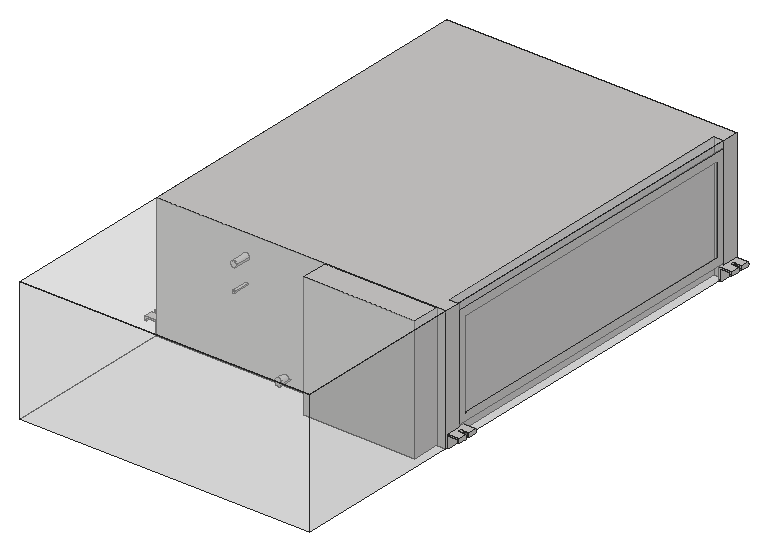
Revit family "outputfile", category 機械設備, Revit 2024
Family settings
  丸型コネクタ寸法 = 半径を使用
  パーツ タイプ = 標準
  OmniClass 番号 = 23.75.10.24.21.27.27
  OmniClass タイトル = Split System Air Conditioning Units
  作業面ベース = いいえ
  常に垂直 = はい
  ロード時にボイドで切り取り = いいえ
  注釈の向きを維持 = いいえ
  共有 = いいえ
  部屋計算ポイント = はい
Parameters (values of type "FXMQ250MFV1")
  Description = ""
  製造元 = "Daikin"
  書き出し IFC クラス(タイプ) = "IfcUnitaryEquipmentType"
  定義済み IFC タイプ(タイプ) = "AIRCONDITIONINGUNIT"
  Cost = 0
  モデル = "FXMQ250MFV1"
  Type Comments = ""
  Keynote = ""
  Type Image = (empty or 0)
  Assembly Code = ""
  w_dischargeflange = 1260.0 mm
  w_suctionflange = 1260.0 mm
  r_Liquid Pipe Size = Liquid Pipe Size / 2  # 4.75 mm
  r_Gas Pipe Size = Gas Pipe Size / 2  # 11.1 mm
  r_Drain Pipe Size = Drain Pipe Size / 2  # 13.8 mm
  lw_powersupply = 247.5 mm  # constant formula
  lw_mountinghole_pitch = 1148.0 mm  # constant formula
  lw_mountinghole = if(Depth = 744.0 mm, 29.5 mm, if(Depth = 1380.0 mm, 42.0 mm, 42.0 mm))  # 42.0 mm
  lw_liquidpipe = 760.0 mm  # constant formula
  lw_gaspipe = 760.0 mm  # constant formula
  lw_drainpipe = 613.0 mm  # constant formula
  lh_dischargeflange = 250.0 mm  # constant formula
  lh_powersupply = 20.0 mm  # constant formula
  lh_liquidpipe = 296.0 mm  # constant formula
  lh_gaspipe = 390.0 mm  # constant formula
  lh_drainpipe = 25.0 mm  # constant formula
  lh_suctionflange = 250.0 mm  # constant formula
  lh_antena = Height - lh_mountinghole + 1.0 mm  # 421.0 mm
  ld_dischargeflange = 690.0 mm
  ld_powersupply = 211.5 mm  # constant formula
  ld_mountinghole_pitch = if(Depth = 744.0 mm, 685.0 mm, if(Depth = 1380.0 mm, 1296.0 mm, 1296.0 mm))  # 1296.0 mm
  ld_suctionflange = 690.0 mm
  h_dischargeflange = 390.0 mm  # constant formula
  lh_mountinghole = 50.0 mm  # constant formula
  h_mountinghole = [h***] + lh_mountinghole  # 50.0 mm
  h_suctionflange = 390.0 mm  # constant formula
  h*** = 0.0 mm  # constant formula
  d_dischargeflange = 25.0 mm  # constant formula
  d_pipe = if(Depth = 744.0 mm, 61.0 mm, if(Depth = 1380.0 mm, 60.0 mm, 60.0 mm))  # 60.0 mm
  d_suctionflange = 25.0 mm  # constant formula
  Width = 1100.0 mm
  Voltage_comment_50Hz = "220-240"
  Voltage_50Hz = 230 V
  Version = "ver.1.0"
  Unit Type = "Outdoor Air Processing Unit"
  Unit Mass Weight = 123.00 kg
  Unit Designation [instance] = ""
  Uniclass2015Version = "Products v1.30"
  Uniclass2015Title = "Variable refrigerant flow units"
  Uniclass2015Code = "Pr_70_65_03_94"
  URL = ""
  Total Heating Capacity [instance] = 0.000 kW
  Total Cooling Capacity [instance] = 0.000 kW
  Supply Air Direction [instance] = yes
  Sound Pressure Level_M speed (dBA) = 0
  Sound Pressure Level_L speed (dBA) = 0
  Sound Pressure Level_H speed (dBA) = 47
  Sound Power Level_H speed (dB) = 0
  Series = "VRV Fan Coil Unit"
  Sensible Cooling Capacity [instance] = 0.000 kW
  SA Duct Size Width = 1200.0 mm
  SA Duct Size Height = 330.0 mm
  Refrigerant Type = "R410A"
  Power Input (Heating) = 0.638 kW
  Power Input (Cooling) = 0.638 kW
  Phase_50Hz = 1
  Option Accessory 3 [instance] = ""
  Option Accessory 2 [instance] = ""
  Option Accessory 1 [instance] = ""
  OA Duct Size Width = 1200.0 mm
  OA Duct Size Height = 330.0 mm
  Nominal Heating Capacity = 17.400 kW
  Nominal Cooling Capacity = 28.000 kW
  Minimum External Static Pressure = 0.00 Pa
  Minimum Circuit Amps_50Hz = 3.8 A
  Minimum Airflow = 0.00 m³/h
  Median Airflow = 0.00 m³/h
  Maximum Fuse Amps_50Hz = 15.0 A
  Maximum External Static Pressure = 255.00 Pa
  Maximum Airflow = 2100.00 m³/h
  Material_Casing = DAIKIN_GalvanizedSteel_Casing_indoorunit
  Load Classification = HVAC
  Liquid Pipe Size = 9.5 mm
  Link_Nested Family [instance] = ""
  IfcVersion = "0"
  IfcExportType = "AIRCONDITIONINGUNIT"
  IfcExportAs = "IfcUnitaryEquipmentType"
  Height = 470.0 mm
  Heating Entering Wet Bulb Temperature [instance] = 0.00 °C
  Heating Entering Dry Bulb Temperature [instance] = 0.00 °C
  Heating Ambient Wet Bulb Temperature [instance] = 0.00 °C
  Heating Ambient Dry Bulb Temperature [instance] = 0.00 °C
  Heat Exchanger Type = "Cross Fin Coil"
  Gas Pipe Size = 22.2 mm
  Frequency_50Hz = 50 Hz
  Fan Type = "Sirocco Fan"
  Fan Drive = "Direct Drive"
  FCU Tag No. [instance] = ""
  Drain Pipe Size = 27.6 mm
  Design Supply Airflow [instance] = 0.00 m³/h
  Design Outdoor Airflow [instance] = 0.00 m³/h
  Design External Static Pressure [instance] = 0.00 Pa
  Depth = 1380.0 mm
  既定の高さ = 0.0 mm
  Cooling Entering Wet Bulb Temperature [instance] = 0.00 °C
  Cooling Entering Dry Bulb Temperature [instance] = 0.00 °C
  Cooling Ambient Wet Bulb Temperature [instance] = 0.00 °C
  Cooling Ambient Dry Bulb Temperature [instance] = 0.00 °C
  Clearance visibility [instance] = yes
  Clearance Top = 0.0 mm
  Clearance Right = 0.0 mm
  Clearance Rear = 0.0 mm
  Clearance Left = 0.0 mm
  Clearance Front = 650.0 mm
  Clearance Bottom = 0.0 mm
Reference planes
  plane 1 "Center (Front/Back)": y = 0
  plane 2: z = 0
  plane 3 "Center (Left/Right)": x = 0
  plane 4 "Back": y = 690
  plane 5 "Front": y = -690
  plane 6 "Left": x = -550
  plane 7 "Right": x = 550
  plane 8 "Top": z = 0
  plane 9 "Bottom": z = -470
  plane 10: y = 690
  plane 11: y = -1340
  plane 12: x = 550
  plane 13: x = -550
  plane 14: z = 0
  plane 15: z = -470
  plane 16: y = -792
  plane 17: y = -720
  plane 18: y = -750
  plane 19 "ld_drainpipe": x = -63
  plane 20 "ld_liquidpipe": x = -210
  plane 21 "ld_gaspipe": x = -210
  plane 22 "lh_gaspipe": z = -80
  plane 23 "lh_drainpipe": z = -445
  plane 24 "lh_liquidpipe": z = -174
  plane 25 "h_mountinghole": z = -420
  plane 26 "lh_powersuply": z = -450
  plane 27 "lh_suctionflange": z = -220
  plane 28 "ld_suctionflange": y = 0
  plane 29 "ld_dischargeflange": y = 0
  plane 30 "lh_dischargeflange": z = -220
  plane 31 "control box1": x = 514
  plane 32 "control box2": x = 91
  plane 33: y = -741
  plane 34 "lw_powersupply": x = 302.5
  plane 35: y = 648
  plane 36: y = -648
  plane 37: x = -574
  plane 38: x = 574
  plane 39 "w_suctionflange1": y = 630
  plane 40 "w_suctionflange2": y = -630
Forms (mm)
  Extrusion 1, solid, material "DAIKIN_GalvanizedSteel_Casing_indoorunit" <- "Material_Casing"
    sketch origin (0, 0, 0) x (1, 0, 0) y (0, 0, 1)
      loop
        line (-550, 0) -> (-550, -470) -> (550, -470) -> (550, 0) -> (-550, 0)
    from -690 to 690
  Extrusion 2, solid, material "DAIKIN_GalvanizedSteel_Casing_indoorunit" <- "Material_Casing"
    sketch origin (0, 0, 0) x (1, 0, 0) y (0, 0, 1)
      loop
        line (91, -470) -> (514, -470) -> (514, 0) -> (91, 0) -> (91, -470)
    from 690 to 792
  Extrusion 3, solid, material "DAIKIN_GalvanizedSteel_Casing_indoorunit" <- "Material_Casing"
    sketch origin (0, 0, 0) x (1, 0, 0) y (0, 0, 1)
      loop
        circle (-210, -174) r 4.75
      loop
        circle (-210, -80) r 11.1
    from 690 to 750
  Extrusion 4, solid, material "DAIKIN_GalvanizedSteel_Casing_indoorunit" <- "Material_Casing"
    sketch origin (63, 0, 0) x (1, 0, 0) y (0, 0, 1)
      loop
        circle (-126, -445) r 13.8
    from 372 to 720
  Extrusion 5, void
    sketch origin (0, 0, 0) x (0, 1, 0) y (0, 0, 1)
      loop
        line (-630, 545) -> (-630, -985) -> (630, -985) -> (630, 545) -> (-630, 545)
    from 514 to 550
Cuts and joins
  Extrusion 5 cuts Extrusion 1
Dimensions and locks
  "Height": plane 8 "Top" to plane 9 "Bottom"
  equal spacing: plane 6 "Left", plane 3 "Center (Left/Right)", plane 7 "Right"
  "Width": plane 6 "Left" to plane 7 "Right"
  equal spacing: plane 4 "Back", plane 1 "Center (Front/Back)", plane 5 "Front"
  "Depth": plane 4 "Back" to plane 5 "Front"
  "Clearance Left": plane 13 to plane 6 "Left"
  "Clearance Right": plane 7 "Right" to plane 12
  "Clearance Rear": plane 10 to plane 4 "Back"
  "Clearance Front": plane 5 "Front" to plane 11
  "Clearance Top": plane 14 to plane 8 "Top"
  "Clearance Bottom": plane 9 "Bottom" to plane 15
  locked: plane 5 "Front" to plane 16 at 102
  "d_pipe": plane 5 "Front" to plane 18
  "lw_drainpipe": plane 19 "ld_drainpipe" to plane 7 "Right"
  "lw_liquidpipe": plane 20 "ld_liquidpipe" to plane 7 "Right"
  "lw_gaspipe": plane 21 "ld_gaspipe" to plane 7 "Right"
  "lh_gaspipe": plane 22 "lh_gaspipe" to plane 9 "Bottom"
  "lh_liquidpipe": plane 24 "lh_liquidpipe" to plane 9 "Bottom"
  "lh_drainpipe": plane 23 "lh_drainpipe" to plane 9 "Bottom"
  "lh_mountinghole": plane 25 "h_mountinghole" to plane 9 "Bottom"
  "lh_powersupply": plane 26 "lh_powersuply" to plane 9 "Bottom"
  "lh_suctionflange": plane 27 "lh_suctionflange" to plane 9 "Bottom"
  "ld_suctionflange": plane 28 "ld_suctionflange" to plane 5 "Front"
  "ld_dischargeflange": plane 4 "Back" to plane 29 "ld_dischargeflange"
  "lh_dischargeflange": plane 30 "lh_dischargeflange" to plane 9 "Bottom"
  locked: plane 5 "Front" to plane 17 at 30
  locked: plane 32 "control box2" to plane 31 "control box1" at 423
  locked: plane 31 "control box1" to plane 7 "Right" at 36
  "lw_powersupply": plane 34 "lw_powersupply" to plane 7 "Right"
  equal spacing: plane 37, plane 3 "Center (Left/Right)", plane 38
  "lw_mountinghole_pitch": plane 37 to plane 38
  "lw_mountinghole": plane 36 to plane 5 "Front"
  "ld_mountinghole_pitch": plane 35 to plane 36
  equal spacing: plane 5 "Front", plane 33, plane 16, locked at 51 each
  equal spacing: plane 39 "w_suctionflange1", plane 29 "ld_dischargeflange", plane 40 "w_suctionflange2"
  "w_suctionflange": plane 39 "w_suctionflange1" to plane 40 "w_suctionflange2"
  "r_Liquid Pipe Size": radius of Extrusion 3 sketch curve
  "r_Gas Pipe Size": radius of Extrusion 3 sketch curve
  "r_Drain Pipe Size": radius of Extrusion 4 sketch curve
  aligned and locked: level to plane 2
  aligned and locked: Extrusion 1 sketch curve to plane 8 "Top"
  aligned and locked: Extrusion 1 sketch curve to plane 6 "Left"
  aligned and locked: plane 9 "Bottom" to Extrusion 1 sketch curve
  aligned and locked: Extrusion 1 sketch curve to plane 7 "Right"
  aligned and locked: plane 4 "Back" to Extrusion 1
  aligned and locked: Extrusion 1 to plane 5 "Front"
  aligned and locked: plane 10 to nested 1
  aligned and locked: plane 11 to nested 1
  aligned and locked: plane 12 to nested 1
  aligned and locked: nested 1 to plane 13
  aligned and locked: plane 15 to nested 1
  aligned and locked: plane 14 to nested 1
  aligned and locked: Extrusion 2 to plane 16
  aligned and locked: plane 5 "Front" to Extrusion 2
  aligned and locked: plane 24 "lh_liquidpipe" to Extrusion 3 sketch curve
  aligned and locked: plane 20 "ld_liquidpipe" to Extrusion 3 sketch curve
  aligned and locked: plane 21 "ld_gaspipe" to Extrusion 3 sketch curve
  aligned and locked: plane 22 "lh_gaspipe" to Extrusion 3 sketch curve
  aligned and locked: Extrusion 3 to plane 18
  aligned and locked: plane 5 "Front" to Extrusion 3
  aligned and locked: nested 2 to plane 5 "Front"
  aligned and locked: nested 2 to plane 19 "ld_drainpipe"
  aligned and locked: plane 23 "lh_drainpipe" to nested 2
  aligned and locked: nested 3 to plane 5 "Front"
  aligned and locked: nested 4 to plane 5 "Front"
  aligned and locked: plane 24 "lh_liquidpipe" to nested 3
  aligned and locked: plane 22 "lh_gaspipe" to nested 4
  aligned and locked: plane 25 "h_mountinghole" to nested 5
  aligned and locked: plane 25 "h_mountinghole" to nested 6
  aligned and locked: nested 7 to plane 25 "h_mountinghole"
  aligned and locked: nested 8 to plane 25 "h_mountinghole"
  aligned and locked: nested 13 to plane 26 "lh_powersuply"
  aligned and locked: plane 1 "Center (Front/Back)" to nested 14
  aligned and locked: nested 14 to plane 3 "Center (Left/Right)"
  aligned and locked: nested 15 to plane 29 "ld_dischargeflange"
  aligned and locked: nested 15 to plane 6 "Left"
  aligned and locked: plane 30 "lh_dischargeflange" to nested 15
  aligned and locked: nested 16 to plane 6 "Left"
  aligned and locked: nested 16 to plane 29 "ld_dischargeflange"
  aligned and locked: plane 28 "ld_suctionflange" to nested 17
  aligned and locked: nested 17 to plane 27 "lh_suctionflange"
  aligned and locked: nested 16 to plane 30 "lh_dischargeflange"
  aligned and locked: nested 3 to plane 20 "ld_liquidpipe"
  aligned and locked: nested 4 to plane 21 "ld_gaspipe"
  aligned and locked: Extrusion 2 sketch curve to plane 31 "control box1"
  aligned and locked: Extrusion 2 sketch curve to plane 32 "control box2"
  aligned and locked: Extrusion 2 sketch curve to plane 14
  aligned and locked: Extrusion 2 sketch curve to plane 15
  aligned and locked: plane 19 "ld_drainpipe" to Extrusion 4 sketch curve
  aligned and locked: plane 23 "lh_drainpipe" to Extrusion 4 sketch curve
  aligned and locked: Extrusion 4 to plane 17
  aligned and locked: nested 13 to plane 34 "lw_powersupply"
  aligned and locked: plane 33 to nested 13
  aligned and locked: nested 5 to plane 35
  aligned and locked: plane 35 to nested 7
  aligned and locked: nested 6 to plane 36
  aligned and locked: plane 36 to nested 8
  aligned and locked: nested 18 to plane 1 "Center (Front/Back)"
  aligned and locked: plane 27 "lh_suctionflange" to nested 18
  aligned and locked: Extrusion 5 sketch curve to plane 39 "w_suctionflange1"
  aligned and locked: Extrusion 5 sketch curve to plane 40 "w_suctionflange2"
  aligned and locked: plane 7 "Right" to Extrusion 5
  aligned and locked: plane 7 "Right" to nested 18
  aligned and locked: plane 3 "Center (Left/Right)" to nested 17
  aligned and locked: nested 11 to plane 37
  aligned and locked: nested 12 to plane 38
  aligned and locked: nested 10 to plane 37
  aligned and locked: nested 9 to plane 38
  aligned and locked: nested 5 to plane 6 "Left"
  aligned and locked: nested 7 to plane 7 "Right"
  aligned and locked: nested 8 to plane 7 "Right"
  aligned and locked: nested 9 to plane 36
  aligned and locked: nested 10 to plane 36
  aligned and locked: nested 12 to plane 35
  aligned and locked: nested 11 to plane 35
  aligned and locked: Extrusion 5 to Extrusion 2
Automatic sketch dimensions
  level to Extrusion 5 sketch curve = 545.0 mm
  Extrusion 5 sketch curve to plane 9 "Bottom" = 515.0 mm
Nested families
  nested 1: "daikin_clearancespace" at (0, -325, -234.881), visible <- "Clearance visibility", show <- "Clearance visibility", Link_Nested Family <- "Link_Nested Family", type "daikin_clearancespace"
    with width 1100.0 mm, show yes, height 470.0 mm, depth 2030.0 mm, Link_Nested Family ""
  nested 2: "daikin_connector_rotate2" at (-63, -690, -445), radius <- "r_Drain Pipe Size", type "daikin_connector_rotate2"
    with radius 13.8 mm, length 30.0 mm, angle_vertical 90.00°, show_face no
  nested 3: "daikin_connector_rotate2" at (-210, -690, -174), length <- "d_pipe", radius <- "r_Liquid Pipe Size", type "daikin_connector_rotate2"
    with radius 4.75 mm, length 60.0 mm, angle_vertical 90.00°, show_face no
  nested 4: "daikin_connector_rotate2" at (-210, -690, -80), length <- "d_pipe", radius <- "r_Gas Pipe Size", type "daikin_connector_rotate2"
    with radius 11.1 mm, length 60.0 mm, angle_vertical 90.00°, show_face no
  nested 5: "daikin_hangerfixture_FXMQ-MFV1" at (-550, 648, -420) x (0, -1, 0) z (0, 0, 1), type "daikin_hangerfixture_FXMQ-MFV1"
    with width 80.0 mm, D 1380.0 mm
  nested 6: "daikin_hangerfixture_FXMQ-MFV1" at (-550, -648, -420) x (0, -1, 0) z (0, 0, 1), type "daikin_hangerfixture_FXMQ-MFV1"
    with width 80.0 mm, D 1380.0 mm
  nested 7: "daikin_hangerfixture_FXMQ-MFV1" at (550, 648, -420) x (0, -1, 0) z (0, 0, 1), type "daikin_hangerfixture_FXMQ-MFV1"
    with width 80.0 mm, D 1380.0 mm
  nested 8: "daikin_hangerfixture_FXMQ-MFV1" at (550, -648, -420) x (0, -1, 0) z (0, 0, 1), type "daikin_hangerfixture_FXMQ-MFV1"
    with width 80.0 mm, D 1380.0 mm
  nested 9: "daikin_mountinghole" at (574, -648, -470), Link_Nested Family <- "Link_Nested Family", l_antenna <- "lh_antena", h_mountinghole <- "h_mountinghole", type "daikin_mountinghole"
    with show yes, l_antenna 421.0 mm, h_mountinghole 50.0 mm, Link_Nested Family ""
  nested 10: "daikin_mountinghole" at (-574, -648, -470), Link_Nested Family <- "Link_Nested Family", l_antenna <- "lh_antena", h_mountinghole <- "h_mountinghole", type "daikin_mountinghole"
    with show yes, l_antenna 421.0 mm, h_mountinghole 50.0 mm, Link_Nested Family ""
  nested 11: "daikin_mountinghole" at (-574, 648, -470), Link_Nested Family <- "Link_Nested Family", l_antenna <- "lh_antena", h_mountinghole <- "h_mountinghole", type "daikin_mountinghole"
    with show yes, l_antenna 421.0 mm, h_mountinghole 50.0 mm, Link_Nested Family ""
  nested 12: "daikin_mountinghole" at (574, 648, -470), Link_Nested Family <- "Link_Nested Family", l_antenna <- "lh_antena", h_mountinghole <- "h_mountinghole", type "daikin_mountinghole"
    with show yes, l_antenna 421.0 mm, h_mountinghole 50.0 mm, Link_Nested Family ""
  nested 13: "daikin_connector_rotate2" at (302.5, -741, -450) x (0, 1, 0) z (0, 0, 1), length <- "ld_powersupply", type "daikin_connector_rotate2"
    with radius 10.0 mm, length 211.5 mm, angle_vertical 90.00°, show_face no
  nested 14: "daikin_△_symbolicline" at (0, 0, 470) x (0, -1, 0) z (0, 0, 1), visible <- "Supply Air Direction", built-in parameter 1001364 <- "Height", type "daikin_△_symbolicline"
    with length 300.0 mm
  nested 15: "daikin_ductflange_FXMQ-MFV1_1" at (-550, 0, -415) x (0, -1, 0) z (0, 0, 1), material <- "Material_Casing", depth <- "d_dischargeflange", height <- "h_dischargeflange", width <- "w_dischargeflange", type "daikin_ductflange_FXMQ-MFV1"
    with width 1260.0 mm, top1 30.0 mm, right1 30.0 mm, material DAIKIN_GalvanizedSteel_Casing_indoorunit, left1 30.0 mm, height 390.0 mm, depth 25.0 mm, Bottom1 30.0 mm
  nested 16: "daikin_connector_rotate2" at (-550, 0, -220) x (0, -1, 0) z (0, 0, 1), length <- "d_dischargeflange", type "daikin_connector_rotate2"
    with radius 10.0 mm, length 25.0 mm, angle_vertical 90.00°, show_face no
  nested 17: "daikin_connector_rotate2" at (0, 0, -220) x (0, 1, 0) z (0, 0, 1), type "daikin_connector_rotate2"
    with radius 10.0 mm, length 550.0 mm, angle_vertical 90.00°, show_face no
  nested 18: "daikin_ductflange_FXMQ-MFV1_2" at (549, 0, -415) x (0, 1, 0) z (0, 0, 1), width <- "w_suctionflange", height <- "h_suctionflange", type "daikin_ductflange_FXMQ-MFV1_2"
    with width 1260.0 mm, height 390.0 mm, depth 1.0 mm
Connectors
  piping at (-210, -750, -174), diameter 9.5, driven by "r_Liquid Pipe Size"
    settings: on nested 3, index 2, connector inside diameter 609.6 mm, connector length 0.0 mm, flow factor 0, pipe flow 0.00 m³/h, pressure drop 0.0 Pa, fitting loss kfactor 0, connector angle 0.00°, fixture units 0, engagement length 0.0 mm, angle of deflection 0.00°, flow configuration 1, flow direction 1, fitting loss method 0, system type 29, joint type 0, gender type 0, connector reference index -1, connector utility 0, adjustable connector no, is connector primary yes, connector description "Refrigerant Liquid Piping"
  piping at (-210, -750, -80), diameter 22.2, driven by "r_Gas Pipe Size"
    settings: on nested 4, index 3, connector inside diameter 609.6 mm, connector length 0.0 mm, flow factor 0, pipe flow 0.00 m³/h, pressure drop 0.0 Pa, fitting loss kfactor 0, connector angle 0.00°, fixture units 0, engagement length 0.0 mm, angle of deflection 0.00°, flow configuration 1, flow direction 2, fitting loss method 0, system type 29, joint type 0, gender type 0, connector reference index -1, connector utility 0, adjustable connector no, is connector primary no, connector description "Refrigerant Gas Piping"
  electrical at (514, -741, -450), driven by "Load Classification"
    settings: on nested 13, index 4, voltage 0 V, apparent load 0 VA, apparent load phase1 0 VA, apparent load phase2 0 VA, apparent load phase3 0 VA, power factor 1, load classification "HVAC", number of poles 1, system type 30, power factor state 1, is connector primary yes, connector utility no, sub classification motor no, connector description "Power Supply"
  hvac at (-575, 0, -220), driven by "SA Duct Size Height", driven by "SA Duct Size Width"
    settings: on nested 15, index 6, duct flow 0.00 m³/h, flow factor 0, pres drop 0.00 Pa, loss coef 0, conn angle 0.00°, conn width 1200.0 mm, conn height 330.0 mm, conn diameter 609.6 mm, duct sys type 1, conn prof type 1, flow config 0, flow direction 2, loss method 4, conn ref index -1, conn util no, is conn primary yes, conn desc "SA Duct"
  piping at (-63, -720, -445), diameter 27.6, driven by "r_Drain Pipe Size"
    settings: on Extrusion 4, index 7, connector inside diameter 609.6 mm, connector length 0.0 mm, flow factor 0, pipe flow 0.00 m³/h, pressure drop 0.0 Pa, fitting loss kfactor 0, connector angle 0.00°, fixture units 0, engagement length 0.0 mm, angle of deflection 0.00°, flow configuration 1, flow direction 2, fitting loss method 4, system type 16, joint type 0, gender type 0, connector reference index -1, connector utility 0, adjustable connector no, is connector primary no, connector description "Condensate Drain Piping"
  hvac at (550, 0, -220), driven by "OA Duct Size Height", driven by "OA Duct Size Width"
    settings: on nested 18, index 8, duct flow 0.00 m³/h, flow factor 0, pres drop 0.00 Pa, loss coef 0, conn angle 0.00°, conn width 1200.0 mm, conn height 330.0 mm, conn diameter 609.6 mm, duct sys type 1, conn prof type 1, flow config 0, flow direction 1, loss method 4, conn ref index -1, conn util no, is conn primary no, conn desc "OA Duct"
Definition of nested family "daikin_clearancespace"
  Parameters (values of type "daikin_clearancespace")
    width [instance] = 1823.963 mm
    show [instance] = yes
    material = none
    height [instance] = 1359.762 mm
    depth [instance] = 880.0 mm
    Default Elevation = 0.0 mm
    Link_Nested Family [instance] = ""
  Reference planes
    plane 1 "Center (Front/Back)": y = 0
    plane 2 "Center (Elevation)": z = -0.119
    plane 3 "Center (Left/Right)": x = 0
    plane 4: y = 440
    plane 5: y = -440
    plane 6 "Right": x = 911.982
    plane 7 "Left": x = -911.982
    plane 8 "Top": z = 679.762
    plane 9 "Bottom": z = -680
  Forms (mm)
    Extrusion 1, solid, material <- "material", visible <- "show"
      sketch origin (0, 0, 0) x (1, 0, 0) y (0, 1, 0)
        loop
          line (-911.982, 440) -> (-911.982, -440) -> (911.982, -440) -> (911.982, 440) -> (-911.982, 440)
      from -680 to 679.762
  Lines and regions (mm)
    symbolic lines, visible <- "show"
      curve 1: line (911.982, 440, 0) -> (-911.982, 440, 0)
      curve 2: line (-911.982, 440, 0) -> (-911.982, -440, 0)
      curve 3: line (-911.982, -440, 0) -> (911.982, -440, 0)
      curve 4: line (911.982, -440, 0) -> (911.982, 440, 0)
      curve 5: line (911.982, 0, 679.762) -> (-911.982, 0, 679.762)
      curve 6: line (911.982, 0, -680) -> (911.982, 0, 679.762)
      curve 7: line (-911.982, 0, -680) -> (911.982, 0, -680)
      curve 8: line (-911.982, 0, 679.762) -> (-911.982, 0, -680)
      curve 9: line (0, 440, 679.762) -> (0, -440, 679.762)
      curve 10: line (0, -440, 679.762) -> (0, -440, -680)
      curve 11: line (0, 440, -680) -> (0, 440, 679.762)
      curve 12: line (0, -440, -680) -> (0, 440, -680)
  Dimensions and locks
    "width": plane 7 "Left" to plane 6 "Right"
    "depth": plane 4 to plane 5
    "height": plane 8 "Top" to plane 9 "Bottom"
    equal spacing: plane 7 "Left", plane 3 "Center (Left/Right)", plane 6 "Right"
    equal spacing: plane 4, plane 1 "Center (Front/Back)", plane 5
    equal spacing: plane 8 "Top", plane 2 "Center (Elevation)", plane 9 "Bottom"
    aligned and locked: level to plane 2 "Center (Elevation)"
    aligned and locked: Extrusion 1 sketch curve to plane 4
    aligned and locked: plane 7 "Left" to Extrusion 1 sketch curve
    aligned and locked: Extrusion 1 sketch curve to plane 5
    aligned and locked: Extrusion 1 sketch curve to plane 6 "Right"
    aligned and locked: plane 8 "Top" to Extrusion 1
    aligned and locked: curve 1 to Extrusion 1
    aligned and locked: curve 2 to Extrusion 1
    aligned and locked: curve 3 to Extrusion 1
    aligned and locked: curve 4 to Extrusion 1
    aligned and locked: curve 5 to Extrusion 1
    aligned and locked: curve 6 to Extrusion 1
    aligned and locked: curve 7 to Extrusion 1
    aligned and locked: curve 8 to Extrusion 1
    aligned and locked: curve 9 to Extrusion 1
    aligned and locked: curve 10 to Extrusion 1
    aligned and locked: curve 11 to Extrusion 1
    aligned and locked: curve 12 to Extrusion 1
    aligned and locked: Extrusion 1 to plane 9 "Bottom"
Definition of nested family "daikin_hangerfixture_FXMQ-MFV1"
  Parameters (values of type "daikin_hangerfixture_CeilingMountedDuct")
    width = if(D = 744.0 mm, 55.0 mm, if(D = 1380.0 mm, 80.0 mm, 80.0 mm))  # 55.0 mm
    material = none
    height = 50.0 mm
    depth = 47.0 mm
    Default Elevation = 0.0 mm
    D = 744.0 mm
  Reference planes
    plane 1 "Center (Front/Back)": y = 0
    plane 2: z = 0
    plane 3 "Center (Left/Right)": x = 0
    plane 4: y = 417.146
    plane 5: y = -47
    plane 6: x = -27.5
    plane 7: x = 27.5
    plane 8: z = -5
    plane 9: z = -50
    plane 10: y = -5
    plane 11: y = -42
    plane 12: y = -24
    plane 13: z = -15
  Forms (mm)
    Extrusion 1, solid, material <- "material"
      sketch origin (0, 0, 0) x (1, 0, 0) y (0, 1, 0)
        loop
          line (27.5, 0) -> (-27.5, 0) -> (-27.5, -47) -> (-7, -47) -> (-7, -24)
          arc (-7, -24) -> (0, -17) -> (7, -24) r 7
          line (7, -24) -> (7, -47) -> (27.5, -47) -> (27.5, 0)
      from 0 to -5
    Extrusion 2, solid, material <- "material"
      sketch origin (0, 0, 0) x (1, 0, 0) y (0, 0, 1)
        loop
          line (27.5, -40) -> (27.5, 0) -> (-27.5, 0) -> (-27.5, -40)
          arc (-27.5, -40) -> (-24.571, -47.071) -> (-17.5, -50) r 10
          line (-17.5, -50) -> (17.5, -50)
          arc (17.5, -50) -> (24.571, -47.071) -> (27.5, -40) r 10
      from 0 to 5
    Extrusion 3, solid, material <- "material"
      sketch origin (0, 0, 0) x (1, 0, 0) y (0, 0, 1)
        loop
          line (-7, -12) -> (-7, 0) -> (-27.5, 0) -> (-27.5, -12)
          arc (-27.5, -12) -> (-26.621, -14.121) -> (-24.5, -15) r 3
          line (-24.5, -15) -> (-10, -15)
          arc (-10, -15) -> (-7.879, -14.121) -> (-7, -12) r 3
        loop
          line (7, 0) -> (7, -12)
          arc (7, -12) -> (7.879, -14.121) -> (10, -15) r 3
          line (10, -15) -> (24.5, -15)
          arc (24.5, -15) -> (26.621, -14.121) -> (27.5, -12) r 3
          line (27.5, -12) -> (27.5, 0) -> (7, 0)
      from 42 to 47
  Cuts and joins
    joined: Extrusion 1, Extrusion 2, Extrusion 3
  Dimensions and locks
    "width": plane 6 to plane 7
    "depth": plane 5 to plane 1 "Center (Front/Back)"
    locked: plane 2 to plane 8 at 5
    "height": plane 2 to plane 9
    locked: plane 10 to plane 1 "Center (Front/Back)" at 5
    locked: plane 11 to plane 5 at 5
    locked: plane 2 to plane 13 at 15
    equal spacing: plane 6, plane 3 "Center (Left/Right)", plane 7
    plane 12 to plane 1 "Center (Front/Back)" = 24.0 mm
    aligned and locked: level to plane 2
    aligned and locked: Extrusion 1 sketch curve to plane 1 "Center (Front/Back)"
    aligned and locked: plane 7 to Extrusion 1
    aligned and locked: Extrusion 1 to plane 6
    aligned and locked: Extrusion 1 to plane 5  (x2)
    aligned and locked: Extrusion 1 to plane 8
    aligned and locked: plane 2 to Extrusion 1
    aligned and locked: plane 2 to Extrusion 2 sketch curve
    aligned and locked: Extrusion 2 to plane 10
    aligned and locked: Extrusion 2 to plane 1 "Center (Front/Back)"
    aligned and locked: plane 2 to Extrusion 3 sketch curve  (x2)
    aligned and locked: plane 11 to Extrusion 3
    aligned and locked: Extrusion 3 to plane 5
    aligned and locked: plane 9 to Extrusion 2 sketch curve
    aligned and locked: cut or joined group of Extrusion 1, Extrusion 2, Extrusion 3 to plane 13  (x2)
    aligned and locked: plane 3 "Center (Left/Right)" to Extrusion 1 sketch curve
    aligned and locked: cut or joined group of Extrusion 1, Extrusion 2, Extrusion 3 to cut or joined group of Extrusion 1, Extrusion 2, Extrusion 3  (x2)
  Automatic sketch dimensions
    Extrusion 1 sketch curve to plane 6 = 0.0 mm
    Extrusion 1 sketch curve to plane 5 = 0.0 mm  (x2)
    Extrusion 1 sketch curve to plane 7 = 0.0 mm
    Extrusion 1 sketch curve to plane 3 "Center (Left/Right)" = 7.0 mm
    Extrusion 2 sketch curve to plane 7 = 0.0 mm
    Extrusion 2 sketch curve to plane 7 = 10.0 mm
    plane 6 to Extrusion 2 sketch curve = 10.0 mm
    Extrusion 2 sketch curve to plane 6 = 0.0 mm
    Extrusion 3 sketch curve to plane 6 = 0.0 mm
    Extrusion 3 sketch curve to plane 7 = 0.0 mm
    Extrusion 3 sketch curve to Extrusion 3 sketch curve = 3.0 mm  (x3)
    Extrusion 3 sketch curve to plane 8 = 7.0 mm
    Extrusion 3 sketch curve to plane 3 "Center (Left/Right)" = 7.0 mm
    plane 3 "Center (Left/Right)" to Extrusion 3 sketch curve = 7.0 mm
    Extrusion 3 sketch curve to plane 7 = 3.0 mm
    Extrusion 3 sketch curve to plane 8 = 10.0 mm
    Extrusion 1 sketch curve to plane 12 = 0.0 mm
Definition of nested family "daikin_ductflange_FXMQ-MFV1_1"
  Parameters (values of type "daikin_ductflange_FXMQ-MFV1")
    width [instance] = 670.0 mm
    right1 [instance] = 22.5 mm
    left1 [instance] = 22.5 mm
    Bottom1 [instance] = 25.0 mm
    material [instance] = none
    height [instance] = 272.0 mm
    depth [instance] = 25.0 mm
    top1 [instance] = 25.0 mm
    Default Elevation = 0.0 mm
  Reference planes
    plane 1 "Center (Front/Back)": y = 0
    plane 2: z = 0
    plane 3 "Center (Left/Right)": x = 0
    plane 4: y = -25
    plane 5: x = -335
    plane 6: x = 335
    plane 7 "Top": z = 272
    plane 8: y = -1
    plane 9: x = -312.5
    plane 10: x = 312.5
    plane 11: z = 247
    plane 12: z = 25
    plane 13 "Center (Elevation)": z = 136
  Forms (mm)
    Extrusion 1, solid, material <- "material"
      sketch origin (0, 0, 0) x (1, 0, 0) y (0, 0, 1)
        loop
          line (-335, 272) -> (-335, 0) -> (335, 0) -> (335, 272) -> (-335, 272)
        loop
          line (-312.5, 247) -> (-312.5, 25) -> (312.5, 25) -> (312.5, 247) -> (-312.5, 247)
      from 0 to 1
    Extrusion 2, solid, material <- "material"
      sketch origin (0, 0, 0) x (1, 0, 0) y (0, 1, 0)
        loop
          line (-312.5, -1) -> (-317.5, -1) -> (-317.5, -25) -> (-312.5, -25) -> (-312.5, -1)
        loop
          line (312.5, -1) -> (312.5, -25) -> (317.5, -25) -> (317.5, -1) -> (312.5, -1)
      from 0 to 272
    Extrusion 3, solid, material <- "material"
      sketch origin (0, 0, 0) x (0, 1, 0) y (0, 0, 1)
        loop
          line (-1, 247) -> (-1, 252) -> (-25, 252) -> (-25, 247) -> (-1, 247)
        loop
          line (-1, 25) -> (-25, 25) -> (-25, 20) -> (-1, 20) -> (-1, 25)
      from -312.5 to 312.5
  Cuts and joins
    joined: Extrusion 1, Extrusion 2, Extrusion 3
  Dimensions and locks
    "height": plane 7 "Top" to plane 2
    "width": plane 5 to plane 6
    equal spacing: plane 5, plane 3 "Center (Left/Right)", plane 6
    "depth": plane 1 "Center (Front/Back)" to plane 4
    locked: plane 8 to plane 1 "Center (Front/Back)" at 1
    "left1": plane 5 to plane 9
    "right1": plane 10 to plane 6
    locked: Extrusion 2 sketch curve to Extrusion 2 sketch curve at 5  (x2)
    "top1": plane 7 "Top" to plane 11
    "Bottom1": plane 12 to plane 2
    equal spacing: plane 7 "Top", plane 13 "Center (Elevation)", plane 2
    locked: Extrusion 3 sketch curve to cut or joined group of Extrusion 1, Extrusion 2, Extrusion 3 at 5
    locked: Extrusion 3 sketch curve to Extrusion 3 sketch curve at 5
    aligned and locked: level to plane 2
    aligned and locked: Extrusion 1 sketch curve to plane 7 "Top"
    aligned and locked: plane 5 to Extrusion 1 sketch curve
    aligned and locked: Extrusion 1 sketch curve to plane 6
    aligned and locked: plane 2 to Extrusion 1 sketch curve
    aligned and locked: Extrusion 1 to plane 8
    aligned and locked: Extrusion 2 sketch curve to plane 8
    aligned and locked: Extrusion 2 sketch curve to plane 9
    aligned and locked: plane 8 to Extrusion 2 sketch curve
    aligned and locked: Extrusion 2 sketch curve to plane 10
    aligned and locked: plane 8 to Extrusion 3 sketch curve
    aligned and locked: Extrusion 3 sketch curve to plane 8
    aligned and locked: plane 4 to Extrusion 2 sketch curve
    aligned and locked: Extrusion 2 sketch curve to plane 4
    aligned and locked: plane 4 to Extrusion 3 sketch curve
    aligned and locked: Extrusion 3 sketch curve to plane 4
    aligned and locked: plane 9 to Extrusion 1 sketch curve
    aligned and locked: Extrusion 1 sketch curve to plane 10
    aligned and locked: plane 12 to Extrusion 1 sketch curve
    aligned and locked: Extrusion 1 sketch curve to plane 11
    aligned and locked: plane 10 to cut or joined group of Extrusion 1, Extrusion 2, Extrusion 3
    aligned and locked: cut or joined group of Extrusion 1, Extrusion 2, Extrusion 3 to plane 9
    aligned and locked: plane 7 "Top" to cut or joined group of Extrusion 1, Extrusion 2, Extrusion 3
    aligned and locked: cut or joined group of Extrusion 1, Extrusion 2, Extrusion 3 to plane 2
  Automatic sketch dimensions
    Extrusion 3 sketch curve to plane 11 = 0.0 mm
    Extrusion 3 sketch curve to plane 12 = 0.0 mm
Definition of nested family "daikin_ductflange_FXMQ-MFV1_2"
  Parameters (values of type "daikin_ductflange_FXDSQ-AVM2")
    width [instance] = 624.0 mm
    material = none
    height [instance] = 390.0 mm
    depth [instance] = 1.0 mm
    Default Elevation = 0.0 mm
  Reference planes
    plane 1 "Center (Front/Back)": y = 0
    plane 2: z = 0
    plane 3 "Center (Left/Right)": x = 0
    plane 4: x = -312
    plane 5: x = 312
    plane 6 "Top": z = 390
    plane 7: y = -1
    plane 8: z = 360
    plane 9: z = 30
    plane 10 "Center (Elevation)": z = 195
    plane 11: x = -282
    plane 12: x = 282
  Forms (mm)
    Extrusion 1, solid, material <- "material"
      sketch origin (0, 0, 0) x (1, 0, 0) y (0, 0, 1)
        loop
          line (-312, 390) -> (-312, 0) -> (312, 0) -> (312, 390) -> (-312, 390)
        loop
          line (-282, 360) -> (-282, 30) -> (282, 30) -> (282, 360) -> (-282, 360)
      from 0 to 1
  Dimensions and locks
    "height": plane 6 "Top" to plane 2
    "width": plane 4 to plane 5
    equal spacing: plane 4, plane 3 "Center (Left/Right)", plane 5
    Extrusion 1 sketch curve to Extrusion 1 sketch curve = 30.0 mm  (x4)
    "depth": plane 7 to plane 1 "Center (Front/Back)"
    locked: plane 6 "Top" to plane 8 at 30
    locked: plane 9 to plane 2 at 30
    equal spacing: plane 6 "Top", plane 10 "Center (Elevation)", plane 2
    locked: plane 11 to plane 4 at 30
    plane 5 to plane 12 = 30.0 mm
    aligned and locked: level to plane 2
    aligned and locked: Extrusion 1 sketch curve to plane 6 "Top"
    aligned and locked: plane 4 to Extrusion 1 sketch curve
    aligned and locked: Extrusion 1 sketch curve to plane 5
    aligned and locked: plane 2 to Extrusion 1 sketch curve
    aligned and locked: plane 11 to Extrusion 1  (x2)
    aligned and locked: Extrusion 1 to plane 12  (x2)
    aligned and locked: Extrusion 1 to plane 8
    aligned and locked: plane 9 to Extrusion 1
Definition of nested family "daikin_connector_rotate2"
  Parameters (values of type "daikin_connector_rotate2")
    show_face = yes
    radius [instance] = 10.0 mm
    length [instance] = 600.0 mm
    d_surface = 10.0 mm
    angle_vertical [instance] = 90.00°
    Default Elevation = 0.0 mm
  Reference planes
    plane 1 "Center (Front/Back)": y = 0
    plane 2: z = 0
    plane 3 "Center (Left/Right)": x = 0
  Forms (mm)
    Extrusion 1, solid, visible <- "show_face"
      sketch origin (0, -600, 0) x (1, 0, 0) y (0, 0, 1)
        loop
          circle (0, 0) r 10
      from 0 to -10
  Lines and regions (mm)
    reference lines
      curve 1: line (0, 0, 0) -> (0, -600, 0)
    symbolic lines
      curve 2: circle (0, 0, 0) r 5 normal (0, 0, 1)
    model lines, visible <- "show_face"
      curve 3: line (0, 0, 0) -> (0, -600, 0)
  Dimensions and locks
    "length": curve 1 to curve 1
    "length": curve 3 to curve 3
    "d_surface": Extrusion 1 to Extrusion 1
    "radius": radius of Extrusion 1 sketch curve
    "angle_vertical": angle curve 1 to plane 1 "Center (Front/Back)"
    "angle_vertical": angle curve 3 to plane 1 "Center (Front/Back)"
    aligned and locked: level to plane 2
    aligned and locked: plane 1 "Center (Front/Back)" to curve 1
    aligned and locked: plane 2 to curve 1
    aligned and locked: plane 1 "Center (Front/Back)" to curve 2
    aligned and locked: plane 3 "Center (Left/Right)" to curve 2
    aligned and locked: plane 1 "Center (Front/Back)" to curve 3
    aligned and locked: plane 2 to curve 3
    aligned and locked: Extrusion 1 to Extrusion 1
  Automatic sketch dimensions
    Extrusion 1 sketch curve to level = 0.0 mm
    Extrusion 1 sketch curve to plane 3 "Center (Left/Right)" = 0.0 mm
    radius of curve 2 = 5.0 mm
Definition of nested family "daikin_mountinghole"
  Parameters (values of type "daikin_mountinghole")
    Default Elevation = 1219.2 mm
    Type Comments = "mountinghole"
    show [instance] = yes
    material = none
    l_centerline = 100.0 mm
    l_antenna [instance] = 100.0 mm
    h_mountinghole [instance] = 0.0 mm
    d_circle = 30.0 mm
    Link_Nested Family [instance] = ""
  Reference planes
    plane 1 "Center (Front/Back)": y = 0
    plane 2: z = 0
    plane 3 "Center (Left/Right)": x = 0
    plane 4: y = 50
    plane 5: x = -50
    plane 6: x = 50
    plane 7: y = -50
    plane 8 "h_mountinghole": z = 0
    plane 9: z = 100
  Lines and regions (mm)
    model lines, detail levels fine
      curve 1: circle (0, 0, 0) r 15 normal (0, 0, 1)
      curve 2: line (-50, 0, 0) -> (50, 0, 0)
      curve 3: line (0, 50, 0) -> (0, -50, 0)
    symbolic lines, detail levels fine
      curve 4: circle (0, 0, 0) r 15 normal (0, 0, 1)
      curve 5: line (-50, 0, 0) -> (50, 0, 0)
      curve 6: line (0, 50, 0) -> (0, -50, 0)
    model lines
      curve 7: line (0, 0, 100) -> (0, 0, 0)
  Dimensions and locks
    equal spacing: plane 4, plane 1 "Center (Front/Back)", plane 7
    "l_centerline": plane 4 to plane 7
    equal spacing: plane 5, plane 3 "Center (Left/Right)", plane 6
    "l_centerline": plane 5 to plane 6
    "l_antenna": plane 9 to plane 8 "h_mountinghole"
    "h_mountinghole": plane 8 "h_mountinghole" to plane 2
    "d_circle": diameter of curve 1
    "d_circle": diameter of curve 4
    aligned and locked: level to plane 2
    aligned and locked: plane 1 "Center (Front/Back)" to curve 1
    aligned and locked: plane 3 "Center (Left/Right)" to curve 1
    aligned and locked: plane 1 "Center (Front/Back)" to curve 2
    aligned and locked: curve 3 to plane 3 "Center (Left/Right)"
    aligned and locked: plane 6 to curve 2
    aligned and locked: plane 5 to curve 2
    aligned and locked: plane 4 to curve 3
    aligned and locked: plane 7 to curve 3
    aligned and locked: plane 1 "Center (Front/Back)" to curve 4
    aligned and locked: plane 3 "Center (Left/Right)" to curve 4
    aligned and locked: plane 6 to curve 5
    aligned and locked: plane 5 to curve 5
    aligned and locked: plane 1 "Center (Front/Back)" to curve 5
    aligned and locked: plane 4 to curve 6
    aligned and locked: plane 7 to curve 6
    aligned and locked: curve 6 to plane 3 "Center (Left/Right)"
    aligned and locked: curve 7 to plane 3 "Center (Left/Right)"
    aligned and locked: plane 9 to curve 7
    aligned and locked: plane 8 "h_mountinghole" to curve 7
Definition of nested family "daikin_△_symbolicline"
  Parameters (values of type "daikin_△_symbolicline")
    length [instance] = 500.0 mm
    Default Elevation = 0.0 mm
  Reference planes
    plane 1 "Center (Front/Back)": y = 0
    plane 2: z = 0
    plane 3 "Center (Left/Right)": x = 0
  Lines and regions (mm)
    symbolic lines
      curve 1: line (0, -433.013, 0) -> (250, 0, 0)
      curve 2: line (250, 0, 0) -> (-250, 0, 0)
      curve 3: line (-250, 0, 0) -> (0, -433.013, 0)
  Dimensions and locks
    equal spacing: curve 3, plane 3 "Center (Left/Right)", curve 2
    "length": curve 3 to curve 2
    "length": curve 3 to curve 3
    "length": curve 1 to curve 1
    aligned and locked: level to plane 2
    aligned and locked: curve 2 to plane 1 "Center (Front/Back)"
    aligned and locked: plane 3 "Center (Left/Right)" to curve 3
